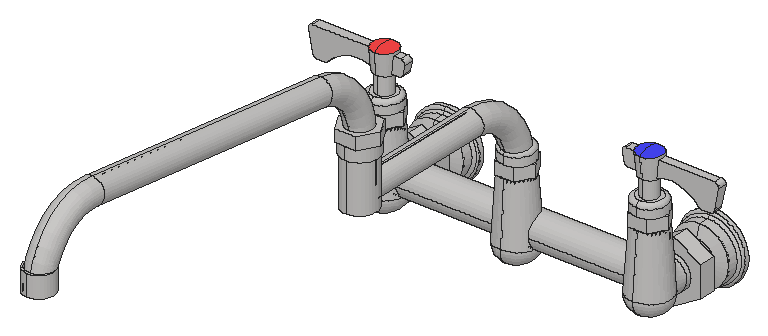
Revit family "Krowne_14-818L_WallMount_Faucet", category Plumbing Fixtures, Revit 2018
Family settings
  Round Connector Dimension = Use Diameter
  Part Type = Normal
  OmniClass Number = 23.40.40.00
  OmniClass Title = Food Service Equipment and Furnishings
  Work Plane-Based = No
  Always vertical = Yes
  Cut with Voids When Loaded = No
  Shared = No
  Room Calculation Point = No
Parameters (values of type "DefaultType")
  Width = 12"
  Weight in Pounds = 5
  Watermarked By = ""
  Waste Water Discharge Temperature [instance] = -459.67 °F
  URL Cutsheet = ""
  URL = "https://krowne.com/"
  Status [instance] = ""
  Specification by User [instance] = ""
  Specification by Manufacturer [instance] = ""
  Serial Number [instance] = ""
  Revision Code [instance] = ""
  Plumbing Remarks [instance] = ""
  Plumbing Connection Type = ""
  NAFEM Spec ID Number [instance] = ""
  Model = "14-818L"
  Masterspec [instance] = ""
  Manufacturer = "Krowne Metal"
  KCLRef = "KCL2C9,,0004c57d-0000-0000-0000-000000000307,KR,14-818L ,637099802120000000,03e84587-ae0e-4306-a023-cf7cd331b50c,9877bc41-a6d4-465b-af1a-5483b600a72b"
  KCL SpecSheet URL = "http://kclweb.kclcad.com/imagehandler.ashx?kdoc=14-8xx&R=KR&M=14-818L%20&VC=7&TID=KCLWeb&T=doc"
  Item Number [instance] = "-"
  Installed By [instance] = ""
  Hot Water Temperature = 100 °F
  Hot Water Size = 1/2"
  Hot Water RI Height [instance] = 0"
  Hot Water Minimum Pressure = 0.00 psi
  Hot Water Maximum Pressure = 0.00 psi
  Hot Water Flow = 1.8 GPM
  Hot Water Consumption = 0 GPM
  Hot Water Connection Height = 0"
  Height = 3 15/16"
  Furnished By [instance] = ""
  Foodservice Equipment Identifier = yes
  Description = "Wall Mount Faucet"
  Depth = 1 7/8"
  Cold Water Temperature Recommended = -459.67 °F
  Cold Water Size = 1/2"
  Cold Water RI Height [instance] = 0"
  Cold Water Minimum Pressure = 0.00 psi
  Cold Water Maximum Pressure = 0.00 psi
  Cold Water Flow = 1.8 GPM
  Cold Water Consumption = ""
  Cold Water Connection Height = 0"
  CSI MasterFormat = ""
  Assembly Code = "E1090300"
Reference planes
  plane 1 "BACK": y = 0
  plane 2: z = 0
  plane 3 "LEFT": x = -471.569
  plane 4 "RIGHT": x = -166.769
  plane 5 "TOP": z = 100.013
  plane 6 "CENTER L/R": x = -319.169
  plane 7 "Top of Body": z = 44.45
  plane 8: y = -62.38
  plane 9: z = 261.938
  plane 10: z = 200.025
  plane 11: y = -520.7
  plane 12: z = 228.6
Forms (mm)
  Extrusion 1, solid, material "QF_Stainless-Polished"
    sketch origin (-319.169, -520.7, 200.025) x (0, -1, 0) y (-1, 0, 0)
      loop
        circle (0, 0) r 9.525
      loop
        circle (0, 0) r 11.113
    from 0 to -15.875
  Sweep 2, solid, material "QF_Stainless-Polished"
    path origin (-319.169, 0, 0) x (0, 1, 0) y (0, 0, 1)
      loop
        line (-62.706, 54.295) -> (-62.706, 88.9)
        arc (-62.706, 88.9) -> (-75.725, 120.331) -> (-107.156, 133.35) r 44.45
        line (-107.156, 133.35) -> (-213.519, 133.35) -> (-213.519, 174.192)
        arc (-213.519, 174.192) -> (-224.618, 203.578) -> (-252.373, 218.289) r 44.45
        line (-252.373, 218.289) -> (-470.655, 245.986)
        arc (-470.655, 245.986) -> (-505.636, 235.24) -> (-520.7, 201.89) r 44.45
        line (-520.7, 201.89) -> (-520.7, 200.025)
    profile origin (-319.169, -62.706, 71.597) x (0, -1, 0) y (1, 0, 0)
      loop
        circle (0, 0) r 9.852
      loop
        circle (0, 0) r 6.35
  Extrusion 3, solid, material "QF_Stainless-Polished"
    sketch origin (0, 0, 100.013) x (0, 1, 0) y (-1, 0, 0)
      loop
        circle (-213.519, 319.169) r 12.7
    from 22.962 to 60.28
  Extrusion 4, solid, material "QF_Stainless-Polished"
    sketch origin (0, 0, 160.293) x (0, 1, 0) y (-1, 0, 0)
      loop
        circle (-213.519, 319.169) r 13.851
    from 0 to 9.525
  Extrusion 5, solid, material "QF_Stainless-Polished"
    sketch origin (0, 0, 169.818) x (0, 1, 0) y (-1, 0, 0)
      loop
        line (-199.668, 327.166) -> (-213.519, 335.163) -> (-227.37, 327.166) -> (-227.37, 311.173) -> (-213.519, 303.176) -> (-199.668, 311.173) -> (-199.668, 327.166)
    from 0 to 9.525
Lines and regions (mm)
  symbolic lines
    curve 1: arc (-319.169, -71.905, 0) -> (-328.694, -62.38, 0) -> (-319.169, -52.855, 0) r 9.525
    curve 2: arc (-319.169, -52.855, 0) -> (-309.644, -62.38, 0) -> (-319.169, -71.905, 0) r 9.525
    curve 3: arc (-328.694, -520.7, 0) -> (-325.905, -527.435, 0) -> (-319.169, -530.225, 0) r 9.525
    curve 4: arc (-319.169, -530.225, 0) -> (-312.434, -527.435, 0) -> (-309.644, -520.7, 0) r 9.525
    curve 5: line (-328.694, -520.7, 0) -> (-328.694, -224.723, 0)
    curve 6: line (-309.644, -62.38, 0) -> (-309.644, -202.315, 0)
    curve 7: line (-335.163, -213.519, 100.013) -> (-327.166, -227.37, 100.013)
    curve 8: line (-327.166, -199.668, 100.013) -> (-335.163, -213.519, 100.013)
    curve 9: line (-311.173, -199.668, 100.013) -> (-327.166, -199.668, 100.013)
    curve 10: line (-303.176, -213.519, 100.013) -> (-311.173, -199.668, 100.013)
    curve 11: line (-311.173, -227.37, 100.013) -> (-303.176, -213.519, 100.013)
    curve 12: line (-327.166, -227.37, 100.013) -> (-311.173, -227.37, 100.013)
    curve 13: line (-328.694, -202.315, 0) -> (-328.694, -62.38, 0)
    curve 14: line (-309.644, -224.723, 0) -> (-309.644, -520.7, 0)
Dimensions and locks
  "Width": plane 3 "LEFT" to plane 4 "RIGHT"
  "Height": plane 5 "TOP" to plane 2
  plane 7 "Top of Body" to level = 1 3/4"
  equal spacing: plane 3 "LEFT", plane 6 "CENTER L/R", plane 4 "RIGHT"
  plane 11 to plane 1 "BACK" = 20 1/2"
  plane 10 to plane 5 "TOP" = 3 15/16"
  plane 9 to plane 5 "TOP" = 6 3/8"
  plane 12 to plane 5 "TOP" = 5 1/16"
  aligned and locked: level to plane 2
Automatic sketch dimensions
  Sweep 2 sketch curve to plane 11 = 0"
  Sweep 2 sketch curve to plane 10 = 0"
  plane 10 to Sweep 2 sketch curve = 0.07341"
  Sweep 2 sketch curve to Sweep 2 sketch curve = 1 3/4"
  Sweep 2 sketch curve to plane 9 = 0.62801"
  Sweep 2 sketch curve to plane 10 = 1.01704"
  plane 8 to Sweep 2 sketch curve = 7.70036"
  Sweep 2 sketch curve to plane 12 = 0.40596"
  Sweep 2 sketch curve to Sweep 2 sketch curve = 0.22029"
  plane 8 to Sweep 2 sketch curve = 1.76286"
  plane 8 to Sweep 2 sketch curve = 0.01286"
  plane 5 "TOP" to Sweep 2 sketch curve = 1 5/16"
  plane 7 "Top of Body" to Sweep 2 sketch curve = 0.38758"
  Sweep 2 sketch curve to Sweep 2 sketch curve = 0"  (x2)
  Sweep 2 sketch curve to plane 6 "CENTER L/R" = 0"
  Sweep 2 sketch curve to profile plane = 0"
  Extrusion 3 sketch curve to plane 6 "CENTER L/R" = 0"
  plane 8 to Extrusion 3 sketch curve = 5.95036"
  Extrusion 5 sketch curve to Extrusion 5 sketch curve = 0.54531"  (x3)
  Extrusion 5 sketch curve to Extrusion 5 sketch curve = 0.31483"  (x3)
  Extrusion 5 sketch curve to Extrusion 5 sketch curve = 0.62967"  (x2)
  curve 8 to plane 6 "CENTER L/R" = 0.62967"
  plane 8 to curve 8 = 5.95036"
  curve 7 to plane 6 "CENTER L/R" = 0.31483"
  curve 7 to curve 8 = 0.54531"  (x2)
  curve 8 to plane 6 "CENTER L/R" = 0.31483"
  plane 6 "CENTER L/R" to curve 9 = 0.31483"
  plane 6 "CENTER L/R" to curve 10 = 0.62967"
  curve 10 to curve 10 = 0.54531"
  plane 6 "CENTER L/R" to curve 11 = 0.31483"
  curve 1 to curve 2 = 0"  (x2)
  curve 3 to curve 4 = 0"  (x2)
  plane 11 to curve 3 = 0"
  plane 8 to curve 13 = 0"
  curve 2 to plane 6 "CENTER L/R" = 0"
  curve 3 to plane 6 "CENTER L/R" = 0"
  plane 8 to curve 6 = 0"
  plane 8 to curve 2 = 0"
  curve 5 to curve 3 = 3/8"
  curve 13 to plane 6 "CENTER L/R" = 3/8"
  curve 14 to curve 1 = 6.01646"
  curve 5 to curve 14 = 0"
  curve 14 to curve 6 = 0.88219"
  curve 13 to curve 6 = 0"
  radius of Sweep 2 sketch curve = 0.38786"
  radius of Sweep 2 sketch curve = 1/4"
  radius of Extrusion 1 sketch curve to Sweep 2 = 0.01286"
  radius of Sweep 2 to Extrusion 1 sketch curve = 0.04964"
  radius of Extrusion 3 sketch curve = 1/2"
  radius of Extrusion 3 to Extrusion 4 sketch curve = 0.04531"
Nested families
  nested 1: "QF_Krowne_14-8_Body" at (-4.763, 0, 0), type "QF_Krowne_14-8_Body"
Connectors
  piping at (-420.769, 6.35, 37.306), diameter 12.7, driven by "Hot Water Flow", driven by "Hot Water Size"
    settings: on nested 1, index 1, connector inside diameter 24", connector length 0", flow factor 0, pipe flow 1.8 GPM, pressure drop 0.00 psi, fitting loss kfactor 0, connector angle 0.00°, fixture units 0, engagement length 0", angle of deflection 0.00°, flow configuration 1, flow direction 1, fitting loss method 0, system type 19, joint type 0, gender type 0, connector reference index -1, connector utility 0, adjustable connector no, is connector primary yes, connector description "HOT WATER"
  piping at (-217.569, 6.35, 37.306), diameter 12.7, driven by "Cold Water Flow", driven by "Cold Water Size"
    settings: on nested 1, index 2, connector inside diameter 24", connector length 0", flow factor 0, pipe flow 1.8 GPM, pressure drop 0.00 psi, fitting loss kfactor 0, connector angle 0.00°, fixture units 0, engagement length 0", angle of deflection 0.00°, flow configuration 1, flow direction 1, fitting loss method 0, system type 20, joint type 0, gender type 0, connector reference index -1, connector utility 0, adjustable connector no, is connector primary no, connector description "COLD WATER"
Definition of nested family "QF_Krowne_14-8_Body"
  Parameters (values of type "QF_Krowne_14-8_Body")
    Width = 12 3/8"
    Watermarked By = ""
    Height = 3 7/8"
    Description = ""
    Depth = 4 15/16"
  Reference planes
    plane 1 "BACK": y = 0
    plane 2: z = 0
    plane 3 "LEFT": x = -471.569
    plane 4 "RIGHT": x = -157.244
    plane 5 "TOP": z = 128.588
    plane 6 "Center": x = -314.407
    plane 7 "Left of Handle": x = -416.007
    plane 8 "Right of Handle": x = -212.807
    plane 9 "Center of Handles": y = -125.412
    plane 10 "Top of Body": z = 74.612
    plane 11: x = -444.582
    plane 12: x = -184.232
    plane 13 "Faucet Handle Center": y = -62.706
    plane 14: y = -59.531
    plane 15: y = -65.881
    plane 16: z = 37.306
  Forms (mm)
    Extrusion 1, solid
      sketch origin (0, 0, 80.962) x (0, 1, 0) y (-1, 0, 0)
        loop
          line (-62.38, 401.719) -> (-50.006, 408.863) -> (-50.006, 423.151) -> (-62.38, 430.294) -> (-74.753, 423.151) -> (-74.753, 408.863) -> (-62.38, 401.719)
        loop
          line (-62.38, 198.519) -> (-50.006, 205.663) -> (-50.006, 219.951) -> (-62.38, 227.094) -> (-74.753, 219.951) -> (-74.753, 205.663) -> (-62.38, 198.519)
        loop
          line (-62.38, 300.119) -> (-50.006, 307.263) -> (-50.006, 321.551) -> (-62.38, 328.694) -> (-74.753, 321.551) -> (-74.753, 307.263) -> (-62.38, 300.119)
      from 0 to 9.525
    Revolve 2, solid
      sketch origin (-416.007, 0, 0) x (0, 1, 0) y (0, 0, 1)
        loop
          line (-62.706, 90.488) -> (-50.006, 90.488) -> (-50.006, 96.838)
          arc (-50.006, 96.838) -> (-50.936, 99.083) -> (-53.181, 100.013) r 3.175
          line (-53.181, 100.013) -> (-62.706, 100.013) -> (-62.706, 90.488)
        axis (-62.706, 90.488) -> (-62.706, 100.013)
      angle from 0 to 360
    Revolve 3, solid
      sketch origin (-212.807, 0, 0) x (0, 1, 0) y (0, 0, 1)
        loop
          line (-62.706, 100.012) -> (-56.356, 100.012) -> (-56.356, 114.3) -> (-62.706, 114.3) -> (-62.706, 100.012)
        axis (-62.706, 100.012) -> (-62.706, 114.3)
      angle from 0 to 360
    Revolve 4, solid
      sketch origin (-416.007, 0, 0) x (0, 1, 0) y (0, 0, 1)
        loop
          line (-62.706, 100.013) -> (-56.356, 100.013) -> (-56.356, 114.3) -> (-62.706, 114.3) -> (-62.706, 100.013)
        axis (-62.706, 100.013) -> (-62.706, 114.3)
      angle from 0 to 360
    Revolve 5, solid
      sketch origin (-416.007, 0, 0) x (0, 1, 0) y (0, 0, 1)
        loop
          line (-62.706, 114.3) -> (-54.769, 114.3) -> (-53.181, 130.175) -> (-62.706, 130.175) -> (-62.706, 114.3)
        axis (-62.706, 114.3) -> (-62.706, 130.175)
      angle from 0 to 360
    Revolve 6, solid
      sketch origin (-212.807, 0, 0) x (0, 1, 0) y (0, 0, 1)
        loop
          line (-62.706, 114.3) -> (-54.769, 114.3) -> (-53.181, 130.175) -> (-62.706, 130.175) -> (-62.706, 114.3)
        axis (-62.706, 114.3) -> (-62.706, 130.175)
      angle from 0 to 360
    Revolve 7, solid
      sketch origin (-416.007, 0, 0) x (0, 1, 0) y (0, 0, 1)
        loop
          line (-62.706, 130.175) -> (-53.181, 130.175)
          arc (-53.181, 130.175) -> (-57.646, 132.655) -> (-62.706, 133.35) r 13.869
          line (-62.706, 133.35) -> (-62.706, 130.175)
        axis (-62.706, 130.175) -> (-62.706, 133.35)
      angle from 0 to 360
    Revolve 8, solid
      sketch origin (-212.807, 0, 0) x (0, 1, 0) y (0, 0, 1)
        loop
          line (-62.706, 130.175) -> (-53.181, 130.175)
          arc (-53.181, 130.175) -> (-57.646, 132.655) -> (-62.706, 133.35) r 13.869
          line (-62.706, 133.35) -> (-62.706, 130.175)
        axis (-62.706, 130.175) -> (-62.706, 133.35)
      angle from 0 to 360
    Extrusion 9, solid
      sketch origin (0, -62.706, 0) x (1, 0, 0) y (0, 0, 1)
        loop
          arc (-468.332, 128.588) -> (-470.787, 127.425) -> (-471.445, 124.79) r 3.175
          line (-471.445, 124.79) -> (-468.27, 108.916)
          arc (-468.27, 108.916) -> (-467.17, 107.083) -> (-465.157, 106.364) r 3.175
          line (-465.157, 106.364) -> (-458.81, 106.364)
          arc (-458.81, 106.364) -> (-457.469, 106.66) -> (-456.379, 107.496) r 3.175
          arc (-456.379, 107.496) -> (-441.832, 116.771) -> (-424.594, 116.065) r 28.792
          arc (-424.594, 116.065) -> (-424.065, 115.925) -> (-423.52, 115.878) r 3.175
          line (-423.52, 115.878) -> (-402.102, 115.878)
          arc (-402.102, 115.878) -> (-400.089, 116.597) -> (-398.988, 118.43) r 3.175
          line (-398.988, 118.43) -> (-397.716, 124.79)
          arc (-397.716, 124.79) -> (-398.374, 127.425) -> (-400.83, 128.588) r 3.175
          line (-400.83, 128.588) -> (-468.332, 128.588)
        loop
          line (-160.482, 128.588) -> (-227.984, 128.588)
          arc (-227.984, 128.588) -> (-230.439, 127.425) -> (-231.097, 124.79) r 3.175
          line (-231.097, 124.79) -> (-229.826, 118.43)
          arc (-229.826, 118.43) -> (-228.725, 116.597) -> (-226.712, 115.878) r 3.175
          line (-226.712, 115.878) -> (-205.294, 115.878)
          arc (-205.294, 115.878) -> (-204.749, 115.925) -> (-204.22, 116.065) r 3.175
          arc (-204.22, 116.065) -> (-186.982, 116.771) -> (-172.435, 107.496) r 28.792
          arc (-172.435, 107.496) -> (-171.345, 106.66) -> (-170.004, 106.364) r 3.175
          line (-170.004, 106.364) -> (-163.657, 106.364)
          arc (-163.657, 106.364) -> (-161.644, 107.083) -> (-160.544, 108.916) r 3.175
          line (-160.544, 108.916) -> (-157.369, 124.79)
          arc (-157.369, 124.79) -> (-158.027, 127.425) -> (-160.482, 128.588) r 3.175
      from -3.175 to 3.175
    Extrusion 10, solid
      sketch origin (0, 0, 0) x (1, 0, 0) y (0, 0, 1)
        loop
          circle (-416.007, 37.306) r 6.35
        loop
          circle (-212.807, 37.306) r 6.35
      from 0 to -6.35
    Revolve 11, solid
      sketch origin (-212.807, 0, 0) x (0, 1, 0) y (0, 0, 1)
        loop
          line (-62.706, 90.488) -> (-50.006, 90.488) -> (-50.006, 96.838)
          arc (-50.006, 96.838) -> (-50.936, 99.083) -> (-53.181, 100.013) r 3.175
          line (-53.181, 100.013) -> (-62.706, 100.013) -> (-62.706, 90.488)
        axis (-62.706, 90.488) -> (-62.706, 100.013)
      angle from 0 to 360
    Revolve 12, solid
      sketch origin (-416.007, 0, 0) x (0, 1, 0) y (0, 0, 1)
        loop
          line (0, 37.306) -> (0, 62.706) -> (-3.175, 62.706)
          arc (-3.175, 62.706) -> (-4.298, 62.241) -> (-4.762, 61.119) r 1.588
          line (-4.762, 61.119) -> (-6.75, 59.131) -> (-14.287, 59.131) -> (-17.462, 50.006) -> (-26.987, 50.006) -> (-26.988, 37.306) -> (0, 37.306)
        axis (0, 37.306) -> (-26.988, 37.306)
      angle from 0 to 360
    Revolve 13, solid
      sketch origin (-212.807, 0, 0) x (0, 1, 0) y (0, 0, 1)
        loop
          line (0, 37.306) -> (0, 62.706) -> (-3.175, 62.706)
          arc (-3.175, 62.706) -> (-4.298, 62.241) -> (-4.762, 61.119) r 1.588
          line (-4.762, 61.119) -> (-6.75, 59.131) -> (-14.287, 59.131) -> (-17.462, 50.006) -> (-26.987, 50.006) -> (-26.988, 37.306) -> (0, 37.306)
        axis (0, 37.306) -> (-26.988, 37.306)
      angle from 0 to 360
    Extrusion 14, solid
      sketch origin (-416.007, -26.988, 37.306) x (0, 0, 1) y (-1, 0, 0)
        loop
          line (11.915, -20.638) -> (23.83, 0) -> (11.915, 20.637) -> (-11.915, 20.637) -> (-23.83, 0) -> (-11.915, -20.637) -> (11.915, -20.638)
        loop
          line (11.915, -223.837) -> (23.83, -203.2) -> (11.915, -182.562) -> (-11.915, -182.562) -> (-23.83, -203.2) -> (-11.915, -223.837) -> (11.915, -223.837)
      from 0 to 12.7
    Sweep 15, solid
      path origin (-416.007, 0, 0) x (0, 1, 0) y (0, 0, 1)
        loop
          line (-26.988, 37.306) -> (-43.656, 37.306)
          arc (-43.656, 37.306) -> (-57.127, 42.886) -> (-62.706, 56.356) r 19.05
          line (-62.706, 56.356) -> (-62.706, 80.962)
      profile origin (-416.007, -35.322, 37.306) x (0, 0, -1) y (1, 0, 0)
        loop
          circle (0, 0) r 12.7
    Sweep 16, solid
      path origin (-212.807, 0, 0) x (0, 1, 0) y (0, 0, 1)
        loop
          line (-26.988, 37.306) -> (-43.656, 37.306)
          arc (-43.656, 37.306) -> (-57.127, 42.886) -> (-62.706, 56.356) r 19.05
          line (-62.706, 56.356) -> (-62.706, 80.962)
      profile origin (-212.807, -35.322, 37.306) x (0, 0, -1) y (1, 0, 0)
        loop
          circle (0, 0) r 12.7
    Extrusion 17, solid
      sketch origin (-416.007, 0, 0) x (0, 1, 0) y (0, 0, 1)
        loop
          circle (-57.127, 42.886) r 12.7
      from 0 to 203.2
    Sweep 18, solid
      path origin (-314.407, 0, 0) x (0, 1, 0) y (0, 0, 1)
        loop
          arc (-56.044, 41.884) -> (-60.961, 48.39) -> (-62.706, 56.356) r 19.05
          line (-62.706, 56.356) -> (-62.706, 80.962)
      profile origin (-314.407, -62.706, 68.659) x (0, -1, 0) y (1, 0, 0)
        loop
          circle (0, 0) r 12.7
    Revolve 19, solid
      sketch origin (-314.407, 0, 0) x (0, 1, 0) y (0, 0, 1)
        loop
          line (-62.706, 90.488) -> (-50.006, 90.488) -> (-50.006, 96.838)
          arc (-50.006, 96.838) -> (-50.936, 99.083) -> (-53.181, 100.013) r 3.175
          line (-53.181, 100.013) -> (-62.706, 100.013) -> (-62.706, 90.488)
        axis (-62.706, 90.488) -> (-62.706, 100.013)
      angle from 0 to 360
    Revolve 20, solid
      sketch origin (-416.007, 0, 0) x (0, 1, 0) y (0, 0, 1)
        loop
          line (-50.006, 80.962) -> (-62.706, 80.962) -> (-62.706, 20.044) -> (-59.365, 20.044)
          arc (-59.365, 20.044) -> (-50.077, 24.083) -> (-46.696, 33.63) r 12.7
          line (-46.696, 33.63) -> (-50.006, 80.962)
        axis (-62.706, 20.044) -> (-62.706, 80.962)
      angle from 0 to 360
    Revolve 21, solid
      sketch origin (-212.807, 0, 0) x (0, 1, 0) y (0, 0, 1)
        loop
          line (-50.006, 80.962) -> (-62.706, 80.962) -> (-62.706, 20.044) -> (-59.365, 20.044)
          arc (-59.365, 20.044) -> (-50.077, 24.083) -> (-46.696, 33.63) r 12.7
          line (-46.696, 33.63) -> (-50.006, 80.962)
        axis (-62.706, 20.044) -> (-62.706, 80.962)
      angle from 0 to 360
    Revolve 22, solid
      sketch origin (-314.407, 0, 0) x (0, 1, 0) y (0, 0, 1)
        loop
          line (-50.006, 80.962) -> (-62.706, 80.962) -> (-62.706, 20.044) -> (-59.365, 20.044)
          arc (-59.365, 20.044) -> (-50.077, 24.083) -> (-46.696, 33.63) r 12.7
          line (-46.696, 33.63) -> (-50.006, 80.962)
        axis (-62.706, 20.044) -> (-62.706, 80.962)
      angle from 0 to 360
  Lines and regions (mm)
    symbolic lines
      curve 1: line (-471.445, -59.531, 74.612) -> (-397.655, -59.531, 74.612)
      curve 2: line (-471.445, -65.881, 74.612) -> (-471.445, -59.531, 74.612)
      curve 3: line (-397.655, -65.881, 74.612) -> (-471.445, -65.881, 74.612)
      curve 4: line (-397.655, -59.531, 74.612) -> (-397.655, -65.881, 74.612)
      curve 5: line (-157.244, -59.531, 74.612) -> (-231.159, -59.531, 74.612)
      curve 6: line (-157.244, -65.881, 74.612) -> (-157.244, -59.531, 74.612)
      curve 7: line (-231.159, -65.881, 74.612) -> (-157.244, -65.881, 74.612)
      curve 8: line (-231.159, -59.531, 74.612) -> (-231.159, -65.881, 74.612)
      curve 9: line (-423.151, -50.333, 74.612) -> (-428.461, -59.531, 74.612)
      curve 10: line (-423.151, -50.333, 74.612) -> (-408.863, -50.333, 74.612)
      curve 11: line (-408.863, -50.333, 74.612) -> (-403.553, -59.531, 74.612)
      curve 12: line (-408.863, -75.08, 74.612) -> (-423.151, -75.08, 74.612)
      curve 13: line (-423.151, -75.08, 74.612) -> (-428.461, -65.881, 74.612)
      curve 14: line (-408.863, -75.08, 74.612) -> (-403.553, -65.881, 74.612)
      curve 15: line (-219.951, -50.333, 74.612) -> (-205.663, -50.333, 74.612)
      curve 16: line (-205.663, -50.333, 74.612) -> (-200.353, -59.531, 74.612)
      curve 17: line (-219.951, -50.333, 74.612) -> (-225.261, -59.531, 74.612)
      curve 18: line (-205.663, -75.08, 74.612) -> (-219.951, -75.08, 74.612)
      curve 19: line (-219.951, -75.08, 74.612) -> (-225.261, -65.881, 74.612)
      curve 20: line (-205.663, -75.08, 74.612) -> (-200.353, -65.881, 74.612)
      curve 21: line (-328.694, -62.38, 74.612) -> (-321.551, -74.753, 74.612)
      curve 22: line (-321.551, -74.753, 74.612) -> (-307.263, -74.753, 74.612)
      curve 23: line (-307.263, -74.753, 74.612) -> (-300.119, -62.38, 74.612)
      curve 24: line (-300.119, -62.38, 74.612) -> (-307.263, -50.006, 74.612)
      curve 25: line (-307.263, -50.006, 74.612) -> (-321.551, -50.006, 74.612)
      curve 26: line (-321.551, -50.006, 74.612) -> (-328.694, -62.38, 74.612)
      curve 27: line (-441.407, 0, 74.612) -> (-390.607, 0, 74.612)
      curve 28: line (-441.407, 0, 74.612) -> (-441.407, -3.175, 74.612)
      curve 29: line (-437.831, -6.75, 74.612) -> (-439.819, -4.763, 74.612)
      curve 30: arc (-439.819, -4.763, 74.612) -> (-440.942, -4.298, 74.612) -> (-441.407, -3.175, 74.612) r 1.588
      curve 31: line (-437.831, -6.75, 74.612) -> (-437.831, -14.288, 74.612)
      curve 32: line (-437.831, -14.288, 74.612) -> (-428.707, -17.463, 74.612)
      curve 33: line (-428.707, -17.463, 74.612) -> (-428.707, -26.987, 74.612)
      curve 34: line (-428.707, -26.987, 74.612) -> (-436.644, -26.987, 74.612)
      curve 35: line (-436.644, -26.987, 74.612) -> (-436.644, -39.688, 74.612)
      curve 36: line (-436.644, -39.688, 74.612) -> (-428.719, -39.687, 74.612)
      curve 37: line (-428.719, -39.687, 74.612) -> (-428.719, -59.531, 74.612)
      curve 38: line (-390.607, 0, 74.612) -> (-390.607, -3.175, 74.612)
      curve 39: line (-394.182, -6.75, 74.612) -> (-392.194, -4.763, 74.612)
      curve 40: arc (-392.194, -4.763, 74.612) -> (-391.072, -4.298, 74.612) -> (-390.607, -3.175, 74.612) r 1.588
      curve 41: line (-394.182, -6.75, 74.612) -> (-394.182, -14.288, 74.612)
      curve 42: line (-394.182, -14.288, 74.612) -> (-403.307, -17.463, 74.612)
      curve 43: line (-403.307, -17.463, 74.612) -> (-403.307, -26.987, 74.612)
      curve 44: line (-403.307, -26.987, 74.612) -> (-395.369, -26.987, 74.612)
      curve 45: line (-395.369, -26.987, 74.612) -> (-395.369, -39.688, 74.612)
      curve 46: line (-395.369, -39.688, 74.612) -> (-403.295, -39.687, 74.612)
      curve 47: line (-403.295, -39.687, 74.612) -> (-403.295, -59.531, 74.612)
      curve 48: line (-205.663, -50.333, 74.612) -> (-219.951, -50.333, 74.612)
      curve 49: line (-187.407, 0, 74.612) -> (-238.207, 0, 74.612)
      curve 50: line (-187.407, 0, 74.612) -> (-187.407, -3.175, 74.612)
      curve 51: line (-190.982, -6.75, 74.612) -> (-188.994, -4.763, 74.612)
      curve 52: arc (-188.994, -4.763, 74.612) -> (-187.872, -4.298, 74.612) -> (-187.407, -3.175, 74.612) r 1.588
      curve 53: line (-190.982, -6.75, 74.612) -> (-190.982, -14.288, 74.612)
      curve 54: line (-190.982, -14.288, 74.612) -> (-200.107, -17.463, 74.612)
      curve 55: line (-200.107, -17.463, 74.612) -> (-200.107, -26.987, 74.612)
      curve 56: line (-200.107, -26.987, 74.612) -> (-192.169, -26.987, 74.612)
      curve 57: line (-192.169, -26.987, 74.612) -> (-192.169, -39.688, 74.612)
      curve 58: line (-192.169, -39.688, 74.612) -> (-200.095, -39.687, 74.612)
      curve 59: line (-200.095, -39.687, 74.612) -> (-200.095, -59.531, 74.612)
      curve 60: line (-238.207, 0, 74.612) -> (-238.207, -3.175, 74.612)
      curve 61: line (-234.631, -6.75, 74.612) -> (-236.619, -4.763, 74.612)
      curve 62: arc (-236.619, -4.763, 74.612) -> (-237.742, -4.298, 74.612) -> (-238.207, -3.175, 74.612) r 1.588
      curve 63: line (-234.631, -6.75, 74.612) -> (-234.631, -14.288, 74.612)
      curve 64: line (-234.631, -14.288, 74.612) -> (-225.507, -17.463, 74.612)
      curve 65: line (-225.507, -17.463, 74.612) -> (-225.507, -26.987, 74.612)
      curve 66: line (-225.507, -26.987, 74.612) -> (-233.444, -26.987, 74.612)
      curve 67: line (-233.444, -26.987, 74.612) -> (-233.444, -39.688, 74.612)
      curve 68: line (-233.444, -39.688, 74.612) -> (-225.519, -39.687, 74.612)
      curve 69: line (-225.519, -39.687, 74.612) -> (-225.519, -59.531, 74.612)
      curve 70: line (-403.295, -44.504, 74.612) -> (-225.519, -44.504, 74.612)
      curve 71: line (-405.528, -69.303, 74.612) -> (-324.697, -69.303, 74.612)
      curve 72: line (-303.555, -69.303, 74.612) -> (-223.286, -69.303, 74.612)
  Dimensions and locks
    "Width": plane 3 "LEFT" to plane 4 "RIGHT"
    equal spacing: plane 3 "LEFT", plane 6 "Center", plane 4 "RIGHT"
    "Depth": plane 9 "Center of Handles" to plane 1 "BACK"
    plane 10 "Top of Body" to level = 2 15/16"
    equal spacing: plane 10 "Top of Body", plane 16, level
    locked: plane 3 "LEFT" to plane 11 at 26.988
    locked: plane 12 to plane 4 "RIGHT" at 26.988
    locked: plane 8 "Right of Handle" to plane 12 at 28.575
    locked: plane 11 to plane 7 "Left of Handle" at 28.575
    locked: plane 5 "TOP" to plane 10 "Top of Body" at 53.975
    equal spacing: plane 15, plane 13 "Faucet Handle Center", plane 14, locked at 3.175 each
    plane 15 to plane 14 = 1/4"
    equal spacing: plane 9 "Center of Handles", plane 13 "Faucet Handle Center", plane 1 "BACK"
    aligned and locked: level to plane 2
    aligned and locked: Revolve 5 sketch curve to Revolve 5 sketch curve
    aligned and locked: Revolve 6 sketch curve to Revolve 6 sketch curve
    aligned and locked: Extrusion 9 sketch curve to plane 5 "TOP"
    aligned and locked: plane 5 "TOP" to Extrusion 9 sketch curve
    aligned and locked: Extrusion 9 to plane 14
    aligned and locked: curve 1 to Extrusion 9
    aligned and locked: curve 2 to Extrusion 9
    aligned and locked: curve 3 to Extrusion 9
    aligned and locked: curve 5 to Extrusion 9
    aligned and locked: Extrusion 9 to curve 7
    aligned and locked: plane 4 "RIGHT" to curve 6
    aligned and locked: Revolve 11 sketch curve to plane 13 "Faucet Handle Center"
    aligned and locked: plane 8 "Right of Handle" to Extrusion 17
    aligned and locked: plane 13 "Faucet Handle Center" to Revolve 20 sketch curve
  Automatic sketch dimensions
    Revolve 2 sketch curve to plane 13 "Faucet Handle Center" = 0"  (x2)
    Revolve 2 sketch curve to Revolve 2 sketch curve = 3/8"
    Revolve 2 sketch curve to Revolve 2 sketch curve = 1/8"
    plane 10 "Top of Body" to Revolve 2 sketch curve = 5/8"
    Revolve 2 sketch curve to Revolve 2 sketch curve = 1/4"
    Revolve 2 sketch curve to Revolve 2 sketch curve = 0"  (x2)
    Revolve 3 sketch curve to plane 13 "Faucet Handle Center" = 0"  (x2)
    Revolve 3 sketch curve to plane 13 "Faucet Handle Center" = 1/4"
    plane 10 "Top of Body" to Revolve 3 sketch curve = 1"
    Revolve 3 sketch curve to Revolve 3 sketch curve = 9/16"
    Revolve 3 sketch curve to Revolve 3 sketch curve = 3/8"
    Revolve 3 sketch curve to Revolve 3 sketch curve = 0"
    Revolve 4 sketch curve to plane 13 "Faucet Handle Center" = 0"  (x2)
    Revolve 4 sketch curve to Revolve 4 sketch curve = 1/4"
    plane 10 "Top of Body" to Revolve 4 sketch curve = 1"
    Revolve 4 sketch curve to Revolve 4 sketch curve = 9/16"
    Revolve 4 sketch curve to Revolve 4 sketch curve = 3/8"
    Revolve 4 sketch curve to Revolve 4 sketch curve = 0"
    Revolve 5 sketch curve to plane 13 "Faucet Handle Center" = 0"
    Revolve 5 sketch curve to Revolve 5 sketch curve = 5/16"
    plane 5 "TOP" to Revolve 5 sketch curve = 1/16"
    Revolve 5 sketch curve to Revolve 5 sketch curve = 3/8"
    Revolve 5 sketch curve to plane 5 "TOP" = 9/16"
    Revolve 5 sketch curve to Revolve 5 sketch curve = 0"  (x2)
    Revolve 6 sketch curve to plane 13 "Faucet Handle Center" = 0"
    Revolve 6 sketch curve to plane 13 "Faucet Handle Center" = 5/16"
    plane 5 "TOP" to Revolve 6 sketch curve = 1/16"
    Revolve 6 sketch curve to plane 13 "Faucet Handle Center" = 3/8"
    Revolve 6 sketch curve to plane 5 "TOP" = 9/16"
    Revolve 6 sketch curve to Revolve 6 sketch curve = 0"  (x2)
    Revolve 7 sketch curve to plane 13 "Faucet Handle Center" = 0"  (x2)
    Revolve 7 sketch curve to plane 13 "Faucet Handle Center" = 0.02655"
    plane 5 "TOP" to Revolve 7 sketch curve = 1/16"
    Revolve 7 sketch curve to Revolve 7 sketch curve = 3/8"
    Revolve 7 sketch curve to plane 5 "TOP" = 0.35786"
    Revolve 7 sketch curve to Revolve 7 sketch curve = 0"  (x2)
    Revolve 8 sketch curve to plane 13 "Faucet Handle Center" = 0"  (x2)
    Revolve 8 sketch curve to plane 13 "Faucet Handle Center" = 0.02655"
    plane 5 "TOP" to Revolve 8 sketch curve = 1/16"
    Revolve 8 sketch curve to Revolve 8 sketch curve = 3/8"
    Revolve 8 sketch curve to plane 5 "TOP" = 0.35786"
    Revolve 8 sketch curve to Revolve 8 sketch curve = 0"  (x2)
    Revolve 12 sketch curve to plane 9 "Center of Handles" = 0"
    Revolve 12 sketch curve to plane 16 = 0"  (x2)
    Revolve 12 sketch curve to plane 1 "BACK" = 0"  (x2)
    plane 16 to Revolve 12 sketch curve = 1/2"
    plane 1 "BACK" to Revolve 12 sketch curve = 1 1/16"
    Revolve 12 sketch curve to Revolve 12 sketch curve = 3/8"
    Revolve 12 sketch curve to Revolve 12 sketch curve = 1/8"
    plane 1 "BACK" to Revolve 12 sketch curve = 0.26577"
    Revolve 12 sketch curve to Revolve 12 sketch curve = 0.07827"  (x2)
    Revolve 12 sketch curve to Revolve 12 sketch curve = 1/16"
    Revolve 12 sketch curve to Revolve 12 sketch curve = 0.35923"
    Revolve 13 sketch curve to plane 9 "Center of Handles" = 0"
    Revolve 13 sketch curve to plane 16 = 0"  (x2)
    Revolve 13 sketch curve to plane 1 "BACK" = 0"  (x2)
    Revolve 13 sketch curve to Revolve 13 sketch curve = 1 1/16"
    Revolve 13 sketch curve to Revolve 13 sketch curve = 3/8"
    Revolve 13 sketch curve to Revolve 13 sketch curve = 1/8"
    plane 1 "BACK" to Revolve 13 sketch curve = 0.26577"
    Revolve 13 sketch curve to Revolve 13 sketch curve = 0.07827"  (x2)
    Revolve 13 sketch curve to Revolve 13 sketch curve = 1/16"
    plane 16 to Revolve 13 sketch curve = 1/2"
    Revolve 13 sketch curve to Revolve 13 sketch curve = 0.35923"
    Revolve 12 to Extrusion 14 sketch curve = 0"
    Extrusion 14 sketch curve to Revolve 12 = 0"
    Revolve 12 to Extrusion 14 sketch curve = 8"  (x2)
    Extrusion 14 sketch curve to Extrusion 14 sketch curve = 0"
    Extrusion 14 sketch curve to Extrusion 14 sketch curve = 0.4691"  (x6)
    Extrusion 14 sketch curve to Extrusion 14 sketch curve = 0.93819"  (x4)
    Revolve 12 to Extrusion 14 sketch curve = 7 3/16"
    Revolve 12 to Extrusion 14 sketch curve = 8 13/16"
    Revolve 12 to Extrusion 14 sketch curve = 13/16"
    Extrusion 14 sketch curve to Revolve 12 = 13/16"
    plane 15 to Extrusion 1 sketch curve = 0.34928"  (x3)
    Extrusion 1 sketch curve to plane 13 "Faucet Handle Center" = 0.01286"  (x6)
    Extrusion 1 sketch curve to plane 14 = 3/8"  (x3)
    plane 8 "Right of Handle" to Extrusion 1 sketch curve = 9/16"
    plane 8 "Right of Handle" to Extrusion 1 sketch curve = 9/32"  (x2)
    Extrusion 1 sketch curve to plane 8 "Right of Handle" = 9/32"  (x2)
    Extrusion 1 sketch curve to plane 8 "Right of Handle" = 9/16"
    plane 6 "Center" to Extrusion 1 sketch curve = 9/16"
    plane 6 "Center" to Extrusion 1 sketch curve = 9/32"  (x2)
    Extrusion 1 sketch curve to plane 6 "Center" = 9/32"  (x2)
    Extrusion 1 sketch curve to Extrusion 1 sketch curve = 9/32"  (x2)
    plane 7 "Left of Handle" to Extrusion 1 sketch curve = 9/16"
    plane 7 "Left of Handle" to Extrusion 1 sketch curve = 9/32"  (x2)
    Extrusion 1 sketch curve to plane 7 "Left of Handle" = 9/32"  (x2)
    plane 3 "LEFT" to Extrusion 9 sketch curve = 0.0049"
    Extrusion 9 sketch curve to Extrusion 9 sketch curve = 0.12257"  (x5)
    plane 3 "LEFT" to Extrusion 9 sketch curve = 0.12989"
    Extrusion 9 sketch curve to Extrusion 9 sketch curve = 0.24989"  (x2)
    plane 11 to Extrusion 9 sketch curve = 0.40333"
    Extrusion 9 sketch curve to plane 7 "Left of Handle" = 0.29578"
    plane 7 "Left of Handle" to Extrusion 9 sketch curve = 0.54745"
    Extrusion 9 sketch curve to plane 5 "TOP" = 1/8"  (x2)
    Extrusion 9 sketch curve to Extrusion 9 sketch curve = 0.05007"  (x2)
    Extrusion 9 sketch curve to plane 5 "TOP" = 0.39989"
    Extrusion 9 sketch curve to plane 5 "TOP" = 0.14951"  (x4)
    Extrusion 9 sketch curve to plane 8 "Right of Handle" = 0.7201"
    plane 8 "Right of Handle" to Extrusion 9 sketch curve = 0.29578"
    Extrusion 9 sketch curve to plane 12 = 0.40333"
    Extrusion 9 sketch curve to plane 4 "RIGHT" = 0.50235"
    Extrusion 9 sketch curve to plane 4 "RIGHT" = 0.12748"
    Extrusion 9 sketch curve to plane 4 "RIGHT" = 0.0049"
    Extrusion 9 sketch curve to Extrusion 9 sketch curve = 0.25038"
    Extrusion 9 sketch curve to plane 5 "TOP" = 0.50038"
    Extrusion 9 sketch curve to Extrusion 9 sketch curve = 0.10049"
    Extrusion 9 sketch curve to plane 5 "TOP" = 0.74996"  (x2)
    Extrusion 9 sketch curve to Extrusion 9 sketch curve = 0"  (x4)
    Extrusion 9 sketch curve to Extrusion 9 sketch curve = 0.02451"  (x2)
    plane 10 "Top of Body" to Extrusion 9 sketch curve = 0.56533"  (x2)
    Extrusion 9 sketch curve to Extrusion 9 sketch curve = 1/8"  (x2)
    Extrusion 10 sketch curve to plane 7 "Left of Handle" = 0"
    Extrusion 10 sketch curve to plane 8 "Right of Handle" = 0"
    Extrusion 10 sketch curve to plane 16 = 0"  (x2)
    Revolve 11 sketch curve to plane 13 "Faucet Handle Center" = 0"
    Revolve 11 sketch curve to plane 14 = 1/4"
    Revolve 11 sketch curve to Revolve 11 sketch curve = 1/8"
    plane 10 "Top of Body" to Revolve 11 sketch curve = 5/8"
    Revolve 11 sketch curve to Revolve 11 sketch curve = 1/4"
    Revolve 11 sketch curve to Revolve 11 sketch curve = 0"  (x2)
    Sweep 15 sketch curve to plane 13 "Faucet Handle Center" = 0"
    Sweep 15 sketch curve to plane 16 = 0"
    Sweep 15 sketch curve to plane 14 = 5/8"
    Sweep 15 sketch curve to Sweep 15 sketch curve = 21/32"
    plane 10 "Top of Body" to Sweep 15 sketch curve = 1/4"
    Sweep 15 sketch curve to plane 7 "Left of Handle" = 0"
    Sweep 15 sketch curve to profile plane = 0"
    Sweep 16 sketch curve to plane 13 "Faucet Handle Center" = 0"
    Sweep 16 sketch curve to plane 16 = 0"
    Sweep 16 sketch curve to plane 14 = 5/8"
    Sweep 16 sketch curve to Sweep 16 sketch curve = 21/32"
    plane 10 "Top of Body" to Sweep 16 sketch curve = 1/4"
    Sweep 16 sketch curve to plane 8 "Right of Handle" = 0"
    Sweep 16 sketch curve to profile plane = 0"
    Extrusion 17 sketch curve to plane 14 = 0.09467"
    plane 16 to Extrusion 17 sketch curve = 0.21967"
    Sweep 18 sketch curve to plane 13 "Faucet Handle Center" = 0"
    Sweep 18 sketch curve to plane 14 = 5/8"
    Sweep 18 sketch curve to plane 10 "Top of Body" = 23/32"
    Sweep 18 sketch curve to plane 14 = 0.1373"
    plane 10 "Top of Body" to Sweep 18 sketch curve = 1/4"
    Sweep 18 sketch curve to plane 6 "Center" = 0"
    Sweep 18 sketch curve to profile plane = 0"
    Revolve 19 sketch curve to plane 13 "Faucet Handle Center" = 0"  (x2)
    Revolve 19 sketch curve to plane 14 = 1/4"
    Revolve 19 sketch curve to Revolve 19 sketch curve = 1/8"
    plane 10 "Top of Body" to Revolve 19 sketch curve = 5/8"
    Revolve 19 sketch curve to Revolve 19 sketch curve = 1/4"
    Revolve 19 sketch curve to Revolve 19 sketch curve = 0"  (x2)
    plane 1 "BACK" to curve 27 = 0"
    plane 1 "BACK" to curve 49 = 0"
    plane 15 to curve 21 = 0.34928"
    plane 15 to curve 12 = 0.36214"
    curve 23 to plane 13 "Faucet Handle Center" = 0.01286"
    curve 21 to plane 13 "Faucet Handle Center" = 0.01286"
    curve 9 to plane 14 = 0.36214"
    curve 17 to plane 14 = 0.36214"
    curve 25 to plane 14 = 3/8"
    curve 15 to curve 67 = 0.41911"
    curve 10 to curve 47 = 0.41911"
    curve 57 to plane 12 = 5/16"
    curve 15 to curve 57 = 0.41911"
    plane 11 to curve 35 = 5/16"
    curve 9 to curve 35 = 0.41911"
    curve 68 to curve 66 = 1/2"
    curve 57 to curve 57 = 1/2"
    curve 46 to curve 43 = 1/2"
    curve 36 to curve 33 = 1/2"
    curve 65 to curve 65 = 3/8"
    curve 55 to curve 54 = 3/8"
    curve 33 to curve 33 = 3/8"
    curve 43 to curve 42 = 3/8"
    curve 64 to curve 63 = 1/8"
    plane 11 to curve 32 = 0.26577"
    curve 32 to curve 32 = 1/8"
    curve 42 to curve 42 = 1/8"
    curve 54 to curve 53 = 1/8"
    plane 1 "BACK" to curve 63 = 0.26577"
    plane 1 "BACK" to curve 41 = 0.26577"
    plane 1 "BACK" to curve 51 = 0.26577"
    plane 1 "BACK" to curve 31 = 0.26577"
    curve 51 to curve 51 = 0.07827"
    curve 29 to curve 29 = 0.07827"
    curve 61 to curve 61 = 0.07827"  (x2)
    curve 39 to curve 39 = 0.07827"
    curve 62 to curve 62 = 1/16"
    curve 39 to curve 38 = 1/16"
    curve 52 to curve 52 = 1/16"
    curve 29 to curve 30 = 1/16"
    curve 50 to plane 12 = 1/8"
    curve 53 to plane 12 = 0.26577"
    curve 57 to curve 58 = 0.31203"
    curve 53 to curve 55 = 0.35923"
    plane 8 "Right of Handle" to curve 15 = 9/32"
    plane 8 "Right of Handle" to curve 18 = 9/32"
    curve 15 to plane 8 "Right of Handle" = 9/32"
    curve 18 to plane 8 "Right of Handle" = 9/32"
    curve 66 to plane 8 "Right of Handle" = 1/2"
    curve 15 to curve 68 = 0.21922"
    curve 69 to curve 8 = 0.22206"
    curve 65 to curve 66 = 5/16"
    curve 64 to curve 63 = 0.35923"
    plane 6 "Center" to curve 24 = 9/16"
    plane 6 "Center" to curve 23 = 9/32"
    plane 6 "Center" to curve 24 = 9/32"
    curve 26 to plane 6 "Center" = 9/32"
    curve 21 to plane 6 "Center" = 9/32"
    curve 21 to curve 21 = 9/32"
    plane 7 "Left of Handle" to curve 27 = 1"
    curve 40 to curve 39 = 0.07827"
    plane 7 "Left of Handle" to curve 45 = 13/16"
    plane 7 "Left of Handle" to curve 4 = 0.72253"
    curve 45 to curve 47 = 0.31203"
    curve 41 to curve 43 = 0.35923"
    plane 7 "Left of Handle" to curve 10 = 9/32"
    plane 7 "Left of Handle" to curve 12 = 9/32"
    curve 12 to plane 7 "Left of Handle" = 9/32"
    curve 10 to plane 7 "Left of Handle" = 9/32"
    curve 33 to curve 31 = 0.35923"
    curve 36 to curve 35 = 0.31203"
    curve 29 to curve 30 = 0.07827"
    plane 15 to curve 72 = 0.13473"
    plane 15 to curve 71 = 0.13473"
    curve 70 to curve 46 = 0.18961"
    curve 59 to curve 20 = 0.01014"
    curve 59 to curve 16 = 0.01014"
    curve 18 to curve 72 = 0.1313"
    curve 17 to curve 69 = 0.01014"
    curve 72 to curve 19 = 0.07779"
    curve 72 to curve 22 = 0.146"
    curve 3 to curve 14 = 0.2322"
    curve 47 to curve 11 = 0.01014"
    curve 13 to curve 37 = 0.01014"
    curve 9 to curve 37 = 0.01014"
    Revolve 20 sketch curve to plane 13 "Faucet Handle Center" = 0"
    Revolve 20 sketch curve to plane 14 = 0.00653"
    Revolve 20 sketch curve to plane 14 = 3/8"
    Revolve 20 sketch curve to plane 16 = 0.14474"
    Revolve 20 sketch curve to Revolve 20 sketch curve = 0.49878"
    Revolve 20 sketch curve to plane 16 = 0.17962"
    plane 10 "Top of Body" to Revolve 20 sketch curve = 1/4"
    level to Revolve 20 sketch curve = 0.38545"
    Revolve 20 sketch curve to Revolve 20 sketch curve = 0.07103"
    Revolve 21 sketch curve to plane 13 "Faucet Handle Center" = 0"  (x2)
    Revolve 21 sketch curve to plane 14 = 0.00653"
    Revolve 21 sketch curve to plane 14 = 3/8"
    Revolve 21 sketch curve to plane 16 = 0.14474"
    Revolve 21 sketch curve to Revolve 21 sketch curve = 0.49878"
    Revolve 21 sketch curve to plane 16 = 0.17962"
    plane 10 "Top of Body" to Revolve 21 sketch curve = 1/4"
    level to Revolve 21 sketch curve = 0.38545"
    Revolve 21 sketch curve to Revolve 21 sketch curve = 0.07103"
    Revolve 22 sketch curve to plane 13 "Faucet Handle Center" = 0"  (x2)
    Revolve 22 sketch curve to plane 14 = 0.00653"
    Revolve 22 sketch curve to plane 14 = 3/8"
    Revolve 22 sketch curve to plane 16 = 0.14474"
    Revolve 22 sketch curve to Revolve 22 sketch curve = 0.49878"
    Revolve 22 sketch curve to plane 16 = 0.17962"
    plane 10 "Top of Body" to Revolve 22 sketch curve = 1/4"
    level to Revolve 22 sketch curve = 0.38545"
    Revolve 22 sketch curve to Revolve 22 sketch curve = 0.07103"
    radius of Extrusion 10 sketch curve = 1/4"  (x2)
    radius of Sweep 15 sketch curve = 1/2"
    radius of Sweep 16 sketch curve = 1/2"
    radius of Extrusion 17 sketch curve = 1/2"
    radius of Sweep 18 sketch curve = 1/2"
